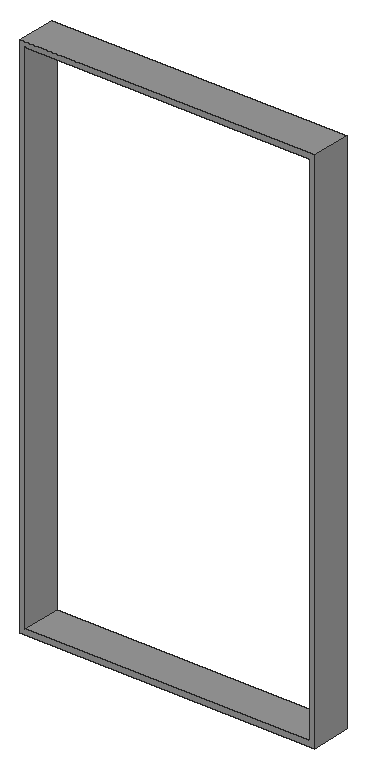
Revit family "RM - Scossalina", category Modelli generici, Revit 2016
Family settings
  Tipo di parte = Normale
  Può ospitare armatura = No
  Quota connettore circolare = Usa diametro
  Basato su piano di lavoro = No
  Sempre verticale = Sì
  Taglio con vuoti quando caricato = No
  Condiviso = No
  Punto di calcolo locali = No
Parameters
  Spessore = 0.025 m
  Profondità [instance] = 0.200 m
  Materiale [instance] = Porcellana, Avorio
  Larghezza [instance] = 1.500 m
  Altezza = 2.700 m
Reference planes (m)
  plane 1 "Centro (Fronte/Retro)": y = 0
  plane 2: z = 0
  plane 3 "Centro (Sinistra/Destra)": x = 0
  plane 4: z = 2.7
  plane 5: x = -1.5
  plane 6: x = -0.025
  plane 7: z = 0.025
  plane 8: z = 2.675
  plane 9: x = -1.475
  plane 10: y = 0.2
Forms (m)
  Extrusion 1, solid, material "Porcellana, Avorio" <- "Materiale"
    sketch origin (0, 0, 0) x (1, 0, 0) y (0, 0, 1)
      loop
        line (-1.5, 2.7) -> (-1.5, 0) -> (0, 0) -> (0, 2.7) -> (-1.5, 2.7)
      loop
        line (-1.475, 2.675) -> (-1.475, 0.025) -> (-0.025, 0.025) -> (-0.025, 2.675) -> (-1.475, 2.675)
    from 0 to -0.2
Dimensions and locks (m)
  "Altezza": plane 4 to level
  "Larghezza": plane 5 to plane 3 "Centro (Sinistra/Destra)"
  "Spessore": plane 5 to plane 9
  "Spessore": plane 4 to plane 8
  "Spessore": plane 3 "Centro (Sinistra/Destra)" to plane 6
  "Spessore": plane 7 to level
  "Profondità": plane 1 "Centro (Fronte/Retro)" to plane 10
  aligned and locked: level to plane 2
  aligned and locked: Extrusion 1 sketch curve to plane 4
  aligned and locked: Extrusion 1 sketch curve to plane 5
  aligned and locked: plane 2 to Extrusion 1 sketch curve
  aligned and locked: Extrusion 1 sketch curve to plane 3 "Centro (Sinistra/Destra)"
  aligned and locked: Extrusion 1 sketch curve to plane 8
  aligned and locked: plane 9 to Extrusion 1 sketch curve
  aligned and locked: plane 7 to Extrusion 1 sketch curve
  aligned and locked: Extrusion 1 sketch curve to plane 6
  aligned and locked: plane 10 to Extrusion 1
